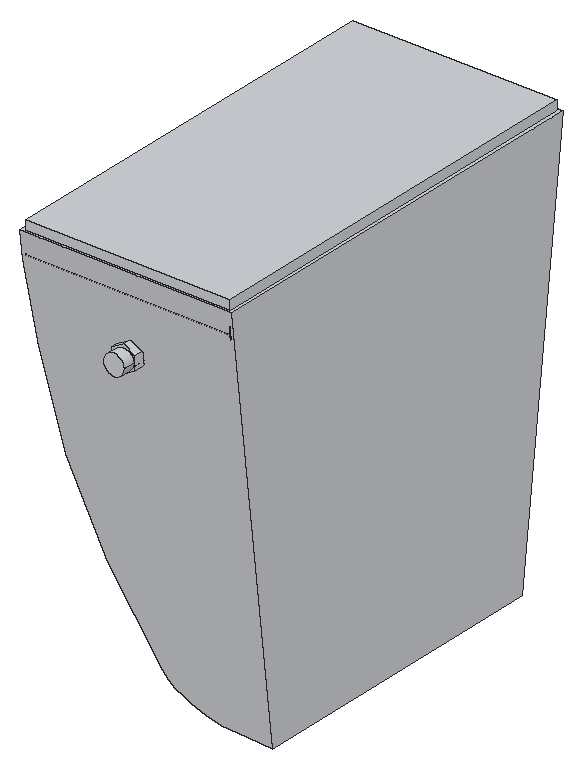
Revit family "0049944_3150lm", category Lighting Fixtures, host Face, Revit 2018
Family settings
  Host = Face
  Round Connector Dimension = Use Diameter
  Part Type = Normal
  OmniClass Number = 23.80.70.00
  OmniClass Title = Lighting
  Cut with Voids When Loaded = No
  Light Source = Yes
  Shared = No
  Room Calculation Point = No
Parameters (values of type "0049944 MURO SURF IP65 1700-3250LM 840 PH GR")
  Weight = "n/a"
  Wattage Comments = ""
  Wattage = 0 W
  WarrantyStartDate [instance] = "n/a"
  WarrantyGuarantorParts = "n/a"
  WarrantyDurationUnit = "n/a"
  WarrantyDurationParts = ""
  WarrantyDescription = "http://www.sylvania-lighting.com"
  built-in parameter 1150110 = 1 (stored number, unit not read)
  Voltage = 0 V
  URL = "0.9"
  TypeName = "Muro Surface IP65 1700-3250lm 840 PH Grey"
  Type Image = <None>
  Type Comments = "n/a"
  built-in parameter 1114217 = 1 (stored number, unit not read)
  Tilt Angle = -90.00°
  built-in parameter 1150109 = 1 (stored number, unit not read)
  built-in parameter 1150134 = 12
  built-in parameter 1150113 = 1 (stored number, unit not read)
  SerialNumber [instance] = "n/a"
  Photometric Web File = "0049944_3150lm.IES"
  Material_3_SYL = none
  PowerFactor = 0.95
  PowerConsumption = "Lighting"
  NominalLength = 155 mm
  NominalHeight = 305 mm
  NominalDepth = 155 mm
  Name = "Muro Surface IP65 1700-3250lm 840 PH Grey"
  ModelReference = Name  # "Muro Surface IP65 1700-3250lm 840 PH Grey"
  ModelNumber = "0049944"
  Model = Name  # "Muro Surface IP65 1700-3250lm 840 PH Grey"
  Material = "Feilo Sylvania"
  ManufacturerName = "116 lm/W"
  Manufacturer = ""
  LuminousEfficacy = ""
  built-in parameter 1150105 = (empty or 0)
  Lumens = 0 lm
  LuminaireType = "0"
  built-in parameter 1150115 = 1 (stored number, unit not read)
  LightOutputRatio = "LED"
  built-in parameter 1150137 = (empty or 0)
  built-in parameter 1150139 = (empty or 0)
  LampsType = Lamp  # "n/a"
  LampNominalLuminous = "4000 K"
  LampMacAdamStep = "80"
  LampColourTemperature = "LED"
  LampColourRenderingIndex = "16500"
  built-in parameter 1150112 = 1 (stored number, unit not read)
  built-in parameter 1150114 = 1 (stored number, unit not read)
  Lamp = "n/a"
  Keynote = "n/a"
  InstallationDate [instance] = "n/a"
  InputVoltage = "0"
  InputNominalFrequency = "4000"
  built-in parameter 1150132 = (empty or 0)
  built-in parameter 1150102 = (empty or 0)
  built-in parameter 1150107 = 4000 (stored number, unit not read)
  built-in parameter 1150138 = (empty or 0)
  IngressProtection = "IfcLightFixtureType"
  ImpactProtectionIndex = "IfcLightFixtureType"
  built-in parameter 1150106 = (empty or 0)
  IfcExportType = "IfcLightFixtureType"
  IfcExportAs = "Class I"
  Emit from Circle Diameter = 609.6 mm
  Emit Shape Visible in Rendering = no
  ElectricShockClassification = "116"
  built-in parameter 1150104 = 10.591 (stored number, unit not read)
  DocumentationLiterature = "http://www.sylvania-lighting.com/product/en-int/products/0049944"
  DimmingControlOptions = "n/a"
  Material_2_SYL = none
  Dimming Lamp Color Temperature Shift = <None>
  Description = "Muro Surface is a wall mounted fixture for exterior lighting applications. Comes with aluminium housing in RAL7016 anthracite grey colour, frosted PC diffuser, IP65, IK10, Class I, 4000K, non-dimmable multipower driver with 5 settings, 1700 / 1900 / 2750 / 3150 / 3250 lm, 14 / 16 / 24 / 27 / 28 W, up to 121 lm/W total system efficacy, switchable built in Mini photocell, CRI80, Asymmetrical beam, 119.000 hrs L70B50 lifespan, 304 x 305 x 155 mm (L x W x D) dimensions, 4.1 kg weight."
  Default Elevation = 1219.2 mm
  CreatedOn = "27/06/2022"
  CreatedBy = "@sylvania-lighting.com"
  Cost = 0
  Color Filter = 16777215
  built-in parameter 1114216 [instance] = (empty or 0)
  ClassificationValue = "EF_70_80"
  ClassificationName = "Uniclass2015"
  Material_1_SYL = none
  BarCode [instance] = "n/a"
  built-in parameter 1114218 = 1 (stored number, unit not read)
  built-in parameter 1150133 = 10 (stored number, unit not read)
  AssetType = "Fixed"
  AssetIdentifier [instance] = "n/a"
  Assembly Code = "D5020200"
  Apparent Load = 28 VA
  Material_4_SYL = none
Reference planes
  plane 1 "Center (Front/Back)": y = 0
  plane 2: z = 0
  plane 3 "Center (Left/Right)": x = 0
  plane 4: x = -78
  plane 5: x = 78
  plane 6: z = -305
  plane 7: y = 150
  plane 8: y = -150
  plane 9: x = -75
  plane 10: x = 75
  plane 11: y = 115
  plane 12: y = -115
  plane 13: z = -65
  plane 14: x = -2
Forms (mm)
  Extrusion 1, solid
    sketch origin (0, 0, 0) x (1, 0, 0) y (0, 0, 1)
      loop
        line (78, -310) -> (78, -6.48) -> (-78, -6.48) -> (-78, -26.48) -> (-72.235, -85.387)
        arc (-72.235, -85.387) -> (-48.397, -189.323) -> (-0.704, -284.698) r 448.659
        arc (-0.704, -284.698) -> (5.844, -292.285) -> (14.114, -297.948) r 38.9
        line (14.114, -297.948) -> (19.517, -300.701)
        arc (19.517, -300.701) -> (35.277, -306.672) -> (51.956, -309.091) r 77.403
        line (51.956, -309.091) -> (78, -310)
    from -152 to 152
  Extrusion 2, solid
    sketch origin (0, 0, 0) x (1, 0, 0) y (0, 1, 0)
      loop
        line (75, 150) -> (-75, 150) -> (-75, -150) -> (75, -150) -> (75, 150)
    from -26.48 to 0
  Extrusion 3, void
    sketch origin (319, 1524, 1219.2) x (0, 1, 0) y (0, 0, 1)
      loop
        line (-1412.802, -1554.876) -> (-1285.02, -1554.876) -> (-1262, -1225.68) -> (-1372, -1225.68) -> (-1412.802, -1554.876)
    from -490.123 to 1
  Extrusion 4, void
    sketch origin (319, -1524, 1219.2) x (0, -1, 0) y (0, 0, -1)
      loop
        line (-1412.802, 1554.876) -> (-1372, 1225.68) -> (-1262, 1225.68) -> (-1285.02, 1554.876) -> (-1412.802, 1554.876)
    from -490.123 to 1
  Extrusion 5, solid
    sketch origin (0, 0, 0) x (1, 0, 0) y (0, 0, 1)
      loop
        circle (-2, -65) r 7.5
    from 0 to 160.393
  Extrusion 6, solid
    sketch origin (0, 0, 0) x (1, 0, 0) y (0, 0, 1)
      loop
        line (-2, -55) -> (-10.66, -60) -> (-10.66, -70) -> (-2, -75) -> (6.66, -70) -> (6.66, -60) -> (-2, -55)
    from 0 to 152
Cuts and joins
  Extrusion 3, Extrusion 4 cuts Extrusion 1
  Extrusion 4 cuts Extrusion 2
Dimensions and locks
  aligned and locked: plane 2 to host face
  aligned and locked: level to host face
Connectors
  electrical at (78, 0, -158.24)
    settings: on cut or joined group of Extrusion 1, Extrusion 3, Extrusion 4, index 1, voltage 0 V, apparent load 0 VA, apparent load phase1 0 VA, apparent load phase2 0 VA, apparent load phase3 0 VA, power factor 1, load classification "Other", number of poles 1, system type 31, power factor state 1, is connector primary yes, connector utility no, sub classification motor no, connector description ""
